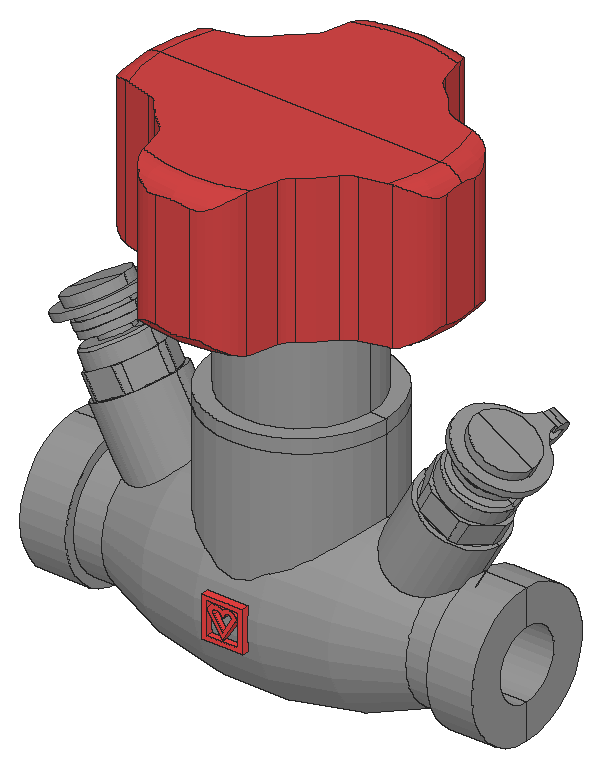
Revit family "HERZ Strömax Commissioning Valve With Test Points, Straight Body 4217 GM (LF-MF)", category Rohrzubehör, Revit 2019
Family settings
  Bemaßung runder Anschluss = Durchmesser verwenden
  Teiletyp = Unterbricht
  OmniClass-Nummer = 23.65.55.14
  OmniClass-Titel = Valves for Liquid Services
  Arbeitsebenenbasiert = Nein
  Immer vertikal = Ja
  Beim Laden mit Abzugskörper schneiden = Nein
  Gemeinsam genutzt = Nein
Parameters (values of type "MF")
  kvs-value [instance] = if(and(LF, Nennweite = 15.00 mm), 0.93, if(and(MF, Nennweite = 15.00 mm), 3.49, 0))  # 3.49
  W02 = 60.00°  # constant formula
  W01 = 30.00°  # constant formula
  URL = "www.herzvalves.com"
  SC_NennweiteBerechnet = 0
  SC_Dimension = ""
  SCRNSEQ = "ARM;ARM_TYP=\"STRV\";2"
  SCRNCODE = "05;07;02"  # constant formula
  S02 = 60.00 mm  # constant formula
  S01 [instance] = H00 + H01  # 68.20 mm
  R01 [instance] = 21.00 mm  # constant formula
  Part number [instance] = if(and(LF, Nennweite = 15.00 mm), 1421730, if(and(MF, Nennweite = 15.00 mm), 1421731, 0))  # 1421731
  Nennweite [instance] = 15.00 mm
  Model = "STRÖMAX-GM commissioning valve with test points, 1/2′′ – 3′′:\r\nScrew down model, brass version, socket x socket, non-rising spindle, spindle seal by means of double-O-ring, presetting by limitation of valve lift by means of internal spindle;\r\ndigital display of presetting step at the hand wheel window.\r\n2 standard test points are located adjacent to the hand wheel."
  Medium = "Water purity in accordance with the OeNORM H5195 and VDI 2035 standards.\r\nEthylene and propylene glycol can be mixed to a ratio of 25 - 50 vol. [%]."
  Max. operating pressure = 1600000.0 Pa  # constant formula
  Max. operating temperature (up to DN32) = 130 °C  # constant formula
  Max. operating temperature (from DN40) = 110 °C  # constant formula
  ML02 [instance] = 30.20 mm  # constant formula
  ML01 [instance] = 20.67 mm  # constant formula
  MF [instance] = yes
  MD01 = 9.50 mm  # constant formula
  LF [instance] = no
  L02 [instance] = 10.00 mm  # constant formula
  L01 [instance] = 16.30 mm  # constant formula
  L00 [instance] = 100.00 mm  # constant formula
  IG [instance] = Nennweite / 2  # 7.50 mm
  Hersteller = "HERZ Armaturen Ges.m.b.H."  # constant formula
  H04 [instance] = 2.50 mm  # constant formula
  H03 = 10.00 mm  # constant formula
  H02 [instance] = 3.00 mm  # constant formula
  H01 [instance] = 33.30 mm  # constant formula
  H00 [instance] = 34.90 mm  # constant formula
  Weight [instance] = if(and(LF, Nennweite = 15.00 mm), "0.86 kg", if(and(MF, Nennweite = 15.00 mm), "0.89 kg", "0 kg"))  # "0.89 kg"
  GT [instance] = 15.00 mm  # constant formula
  Field of application = "For hydraulic balancing in heating and cooling systems, adjustment of distribution mains, circuits, heat exchangers, heating and cooling registers, etc."
  Installation position = "The non-rising valve spindle arranged perpendicular to the valve axis guarantees optimum accessibility and optimum valve operation in any installation position."
  Differential pressure measurement = "STRÖMAX-GM commissioning valve is equipped with two test points.\r\nThe differential pressure can be measured using a suitable measuring instrument, which permits calculation of the flow rate as a function of the respective presetting step.\r\nThe HERZ-Measuring computer (1 8900 05) permits direct flow rate reading (consult the equipment manual)."
  DN50-DN80 [instance] = H00 + H01  # 68.20 mm
  DN15-DN40 [instance] = H00 + H01  # 68.20 mm
  DN15 [instance] = Nennweite = 15.00 mm  # yes
  D06 [instance] = 15.40 mm  # constant formula
  D05 [instance] = 13.15 mm  # constant formula
  D04 = 9.00 mm  # constant formula
  D03 [instance] = 19.00 mm  # constant formula
  D02 [instance] = 15.25 mm  # constant formula
  D01 [instance] = 13.20 mm  # constant formula
  Body = "DZR brass"  # constant formula
Types (3, lengths in mm): name | kvs-value | Part number | MF | LF | Weight
  (no name) | 3.49 | 1421731 | yes | no | "0.89 kg"
  LF | 0.93 | 1421730 | no | yes | "0.86 kg"
  MF | 3.49 | 1421731 | yes | no | "0.89 kg"
Reference planes
  plane 1 "Mitte (Vorne/hinten)": y = 0
  plane 2: z = 0
  plane 3 "Mitte (Links/rechts)": x = 0
Forms (mm)
  Revolve 1, solid, material "Messing, weicher Gelbton, geschweißt", detail levels fine
    sketch origin (0, 0, 0) x (1, 0, 0) y (0, 0, 1)
      loop
        line (-50, 15.25) -> (-50, 7.5) -> (-35, 7.5) -> (-35, 0) -> (35, 0) -> (35, 7.5) -> (50, 7.5) -> (50, 15.25) -> (40, 15.25) -> (40, 13.2) -> (33.7, 13.2)
        arc (33.7, 13.2) -> (0, 21) -> (-33.7, 13.2) r 76.701
        line (-33.7, 13.2) -> (-40, 13.2) -> (-40, 15.25) -> (-50, 15.25)
      axis (-50, 0) -> (50, 0)
    angle from 0 to 360
  Revolve 2, solid, material "Messing, weicher Gelbton, geschweißt", detail levels fine
    sketch origin (0, 0, 0) x (1, 0, 0) y (0, 0, 1)
      loop
        line (20.67, 0) -> (35.77, 26.154) -> (27.543, 30.904) -> (12.443, 4.75) -> (20.67, 0)
      axis (20.67, 0) -> (35.77, 26.154)
    angle from 0 to 360
  Revolve 3, solid, material "Messing, weicher Gelbton, geschweißt", detail levels fine
    sketch origin (0, 0, 0) x (1, 0, 0) y (0, 0, 1)
      loop
        line (0, 0) -> (0, 34.9) -> (-19, 34.9) -> (-19, 0) -> (0, 0)
      axis (0, 34.9) -> (0, 0)
    angle from 0 to 360
  Revolve 4, solid, material "Messing, weicher Gelbton, geschweißt", detail levels fine
    sketch origin (0, 0, 0) x (-1, 0, 0) y (0, 0, 1)
      loop
        line (20.67, 0) -> (35.77, 26.154) -> (27.543, 30.904) -> (12.443, 4.75) -> (20.67, 0)
      axis (20.67, 0) -> (35.77, 26.154)
    angle from 0 to 360
  Revolve 5, solid, material "Messing, weicher Gelbton, geschweißt", detail levels fine
    sketch origin (0, 0, 0) x (1, 0, 0) y (0, 0, 1)
      loop
        line (0, 34.9) -> (0, 68.2) -> (-9, 68.2) -> (-9, 58.2) -> (-13.15, 58.2) -> (-13.15, 55.7) -> (-15.4, 55.7) -> (-15.4, 37.9) -> (-19, 37.9) -> (-19, 34.9) -> (0, 34.9)
      axis (0, 68.2) -> (0, 34.9)
    angle from 0 to 360
Lines and regions (mm)
  model lines, detail levels coarse+medium
    curve 1: line (-50, 0, 15.25) -> (-50, 0, -15.25)
    curve 2: line (-50, 0, -15.25) -> (50, 0, 15.25)
    curve 3: line (50, 0, 15.25) -> (50, 0, -15.25)
    curve 4: line (50, 0, -15.25) -> (-50, 0, 15.25)
    curve 5: line (0, 0, 0) -> (39.375, 0, 68.2)
    curve 6: line (13.395, 0, 83.2) -> (65.356, 0, 53.2)
    curve 7: line (-50, 15.25, 0) -> (-50, -15.25, 0)
    curve 8: line (-50, -15.25, 0) -> (50, 15.25, 0)
    curve 9: line (50, 15.25, 0) -> (50, -15.25, 0)
    curve 10: line (50, -15.25, 0) -> (-50, 15.25, 0)
    curve 11: line (0, 0, 0) -> (39.375, 68.2, 0)
    curve 12: line (13.395, 83.2, 0) -> (65.356, 53.2, 0)
Dimensions and locks
  "IG": Revolve 1 sketch curve to plane 2
  "GT": Revolve 1 sketch curve to Revolve 1 sketch curve  (x2)
  "IG": Revolve 1 sketch curve to Revolve 1 sketch curve
  "D01": Revolve 1 sketch curve to Revolve 1 sketch curve  (x2)
  "R01": Revolve 1 sketch curve to Revolve 1 sketch curve
  "L02": Revolve 1 sketch curve to Revolve 1 sketch curve  (x2)
  "L01": Revolve 1 sketch curve to Revolve 1 sketch curve  (x2)
  "D02": Revolve 1 sketch curve to plane 2  (x2)
  equal spacing: Revolve 1 sketch curve, plane 3 "Mitte (Links/rechts)", Revolve 1 sketch curve
  "L00": Revolve 1 sketch curve to Revolve 1 sketch curve
  "R01": nested 1 to plane 1 "Mitte (Vorne/hinten)"
  "ML01": Revolve 2 sketch curve to plane 3 "Mitte (Links/rechts)"
  "H00": Revolve 3 sketch curve to plane 2
  "D03": Revolve 3 sketch curve to Revolve 3 sketch curve
  "ML02": Revolve 2 sketch curve to Revolve 2 sketch curve
  "MD01": Revolve 2 sketch curve to Revolve 2 sketch curve  (x2)
  "ML02": Revolve 4 sketch curve to Revolve 4 sketch curve
  "MD01": Revolve 4 sketch curve to Revolve 4 sketch curve  (x2)
  "ML01": plane 3 "Mitte (Links/rechts)" to Revolve 4 sketch curve
  "H00": Revolve 5 sketch curve to plane 2
  "H01": Revolve 5 sketch curve to Revolve 5 sketch curve
  "D04": Revolve 5 sketch curve to Revolve 5 sketch curve
  "D03": Revolve 5 sketch curve to Revolve 5 sketch curve
  "D05": Revolve 5 sketch curve to Revolve 5 sketch curve
  "D06": Revolve 5 sketch curve to Revolve 5 sketch curve
  "H02": Revolve 5 sketch curve to Revolve 5 sketch curve
  "H03": Revolve 5 sketch curve to Revolve 5 sketch curve
  "H04": Revolve 5 sketch curve to Revolve 5 sketch curve
  "DN15-DN40": nested 2 to plane 2
  "D02": curve 4 to plane 2 to curve 2
  "D02": curve 3 to plane 2 to curve 4
  equal spacing: curve 1, plane 3 "Mitte (Links/rechts)", curve 3
  "L00": curve 1 to curve 3
  equal spacing: Revolve 1, curve 5, Revolve 1
  "S01": curve 5 to plane 2
  equal spacing: curve 6, curve 5, curve 6
  "S02": curve 6 to curve 6
  "D02": curve 8 to plane 1 "Mitte (Vorne/hinten)" to curve 10
  "D02": curve 10 to plane 1 "Mitte (Vorne/hinten)" to curve 9
  equal spacing: curve 7, plane 3 "Mitte (Links/rechts)", curve 9
  "L00": curve 7 to curve 9
  equal spacing: curve 7, curve 11, curve 9
  "S01": plane 1 "Mitte (Vorne/hinten)" to curve 11
  equal spacing: curve 12, curve 11, curve 12
  "S02": curve 12 to curve 12
  "W01": angle Revolve 2 sketch curve to plane 3 "Mitte (Links/rechts)"  (x2)
  "W01": angle plane 3 "Mitte (Links/rechts)" to Revolve 4 sketch curve  (x2)
  "W02": angle plane 2 to curve 5
  "W02": angle plane 1 "Mitte (Vorne/hinten)" to curve 11
  aligned and locked: level to plane 2
Automatic sketch dimensions
  Revolve 1 sketch curve to level = 0.00 mm  (x2)
  Revolve 1 sketch curve to Revolve 1 sketch curve = 1429.986 mm
  Revolve 1 sketch curve to Revolve 1 sketch curve = 1762.604 mm
  Revolve 2 sketch curve to level = 0.00 mm  (x2)
  Revolve 3 sketch curve to level = 0.00 mm
  Revolve 3 sketch curve to plane 3 "Mitte (Links/rechts)" = 0.00 mm  (x2)
  Revolve 3 sketch curve to Revolve 3 sketch curve = 366.045 mm
  Revolve 3 sketch curve to Revolve 3 sketch curve = 2179.415 mm
  Revolve 4 sketch curve to level = 0.00 mm  (x2)
  Revolve 5 sketch curve to plane 3 "Mitte (Links/rechts)" = 0.00 mm  (x2)
  Revolve 5 sketch curve to level = 366.045 mm
  Revolve 5 sketch curve to Revolve 5 sketch curve = 2146.115 mm
Nested families
  nested 1: "Herz-Logo-vorne" at (0, -21, 0) x (0, 1, 0) z (0, 0, 1), type "Herz-Logo-vorne", detail levels fine
  nested 2: "Strangregulierventil-Handrad-Gerade (Rot) DN15-DN40" at (0, 0, 68.2), visible <- "DN15", type "Strangregulierventil-Handrad-Gerade (Rot) DN15-DN40", detail levels fine
    with Nennweite 0.00 mm, Gewicht 0.00 kg, Bestellnummer 0
  nested 3: "Messstutzen_Band_Austritt_30Grad_(oben)" at (27.02, 0, 10.999), visible <- "DN15", type "Messstutzen_Band_Austritt_30Grad_(oben)", detail levels fine
    with Schutzkappe yes, Nennweite 0.00 mm, Gewicht 0.00 kg, Bestellnummer 0
  nested 4: "Messstutzen_Band_Eintritt_30Grad_(oben)" at (-27.02, 0, 10.999) x (-1, 0, 0) z (0, 0, 1), visible <- "DN15", type "Messstutzen_Band_Eintritt_30Grad_(oben)", detail levels fine
    with Schutzkappe yes, Nennweite 0.00 mm, Gewicht 0.00 kg, Bestellnummer 0
Connectors
  piping at (-35, 0, 0), diameter 15, driven by "Nennweite"
    settings: on Revolve 1, index 1, connector inside diameter 609.6 mm, connector length 0.00 mm, flow factor 0, pipe flow 0.0 L/s, pressure drop 0.0 Pa, fitting loss kfactor 0, connector angle 0.00°, fixture units 0, engagement length 0.00 mm, angle of deflection 0.00°, flow configuration 0, flow direction 1, fitting loss method 0, system type 29, joint type 0, gender type 0, connector reference index -1, connector utility 0, adjustable connector no, is connector primary yes, connector description ""
  piping at (35, 0, 0), diameter 15, driven by "Nennweite"
    settings: on Revolve 1, index 2, connector inside diameter 609.6 mm, connector length 0.00 mm, flow factor 0, pipe flow 0.0 L/s, pressure drop 0.0 Pa, fitting loss kfactor 0, connector angle 0.00°, fixture units 0, engagement length 0.00 mm, angle of deflection 0.00°, flow configuration 0, flow direction 2, fitting loss method 0, system type 29, joint type 0, gender type 0, connector reference index -1, connector utility 0, adjustable connector no, is connector primary no, connector description ""
Definition of nested family "Herz-Logo-vorne"
  Reference planes
    plane 1 "Mitte (Vorne/hinten)": y = 0
    plane 2: z = 0
    plane 3 "Mitte (Links/rechts)": x = 0
  Forms (mm)
    Extrusion 1, solid
      sketch origin (0.732, -0.018, 0.017) x (0, -1, 0) y (0, 0, 1)
        loop
          line (-0.018, -4.517) -> (4.482, -4.517) -> (4.482, 4.483) -> (-4.518, 4.483) -> (-4.518, -4.517) -> (-0.018, -4.517)
        loop
          line (-0.05, -3.48) -> (3.482, -3.48) -> (3.482, 3.483) -> (-3.518, 3.483) -> (-3.518, -3.48) -> (-0.05, -3.48)
        loop
          arc (-0.018, 2.383) -> (-1.543, 3.287) -> (-3.067, 2.383) r 1.738
          arc (-3.067, 2.383) -> (-3.191, 1.899) -> (-3.067, 1.415) r 1.009
          line (-3.067, 1.415) -> (-0.018, -3.281) -> (3.032, 1.415)
          arc (3.032, 1.415) -> (3.156, 1.899) -> (3.032, 2.383) r 1.009
          arc (3.032, 2.383) -> (1.507, 3.287) -> (-0.018, 2.383) r 1.738
        loop
          arc (1.885, 1.272) -> (2.005, 1.675) -> (1.885, 2.079) r 0.74
          arc (1.885, 2.079) -> (1.265, 2.416) -> (0.644, 2.079) r 0.74
          line (0.644, 2.079) -> (-0.018, 0.97) -> (-0.679, 2.079)
          arc (-0.679, 2.079) -> (-1.3, 2.416) -> (-1.921, 2.079) r 0.74
          arc (-1.921, 2.079) -> (-2.04, 1.675) -> (-1.921, 1.272) r 0.74
          line (-1.921, 1.272) -> (-0.018, -1.658) -> (1.885, 1.272)
      from 0 to 1.5
  Dimensions and locks
    aligned and locked: level to plane 2
Definition of nested family "Strangregulierventil-Handrad-Gerade (Rot) DN15-DN40"
  Parameters (values of type "Strangregulierventil-Handrad-Gerade (Rot) DN15-DN40")
    URL = "www.herz-armaturen.at"
    Nennweite [instance] = 0.00 mm
    Manufacturer = "Herz Armaturen GmbH"  # constant formula
    Gewicht [instance] = 0.00 kg
    Bestellnummer [instance] = 0
  Reference planes
    plane 1 "Mitte (Vorne/hinten)": y = 0
    plane 2: z = 0
    plane 3 "Mitte (Links/rechts)": x = 0
  Forms (mm)
    Revolve 1, solid, detail levels fine
      sketch origin (0, 0, 0) x (1, 0, 0) y (0, 0, 1)
        loop
          line (0, 0) -> (0, 24.95) -> (-30.992, 24.95)
          arc (-30.992, 24.95) -> (-34.37, 23.636) -> (-35.973, 20.386) r 5
          line (-35.973, 20.386) -> (-37, 8.65) -> (-35.986, -2.936)
          arc (-35.986, -2.936) -> (-34.383, -6.186) -> (-31.005, -7.5) r 5
          line (-31.005, -7.5) -> (-15, -7.5) -> (-15, 0) -> (0, 0)
        axis (0, 24.95) -> (0, -7.5)
      angle from 0 to 360
    Extrusion 2, void
      sketch origin (0, 0, 20.3) x (1, 0, 0) y (0, 1, 0)
        loop
          line (3.861, 35.5) -> (-3.861, 35.5)
          arc (-3.861, 35.5) -> (-8.731, 33.847) -> (-11.589, 29.571) r 8
          line (-11.589, 29.571) -> (-13.284, 23.245)
          arc (-13.284, 23.245) -> (-13.982, 21.722) -> (-15.144, 20.516) r 5
          arc (-15.144, 20.516) -> (-18.031, 18.031) -> (-20.516, 15.144) r 25.5
          arc (-20.516, 15.144) -> (-21.722, 13.982) -> (-23.245, 13.284) r 5
          line (-23.245, 13.284) -> (-29.571, 11.589)
          arc (-29.571, 11.589) -> (-33.847, 8.731) -> (-35.5, 3.861) r 8
          line (-35.5, 3.861) -> (-35.5, -3.861)
          arc (-35.5, -3.861) -> (-33.847, -8.731) -> (-29.571, -11.589) r 8
          line (-29.571, -11.589) -> (-23.245, -13.284)
          arc (-23.245, -13.284) -> (-21.722, -13.982) -> (-20.516, -15.144) r 5
          arc (-20.516, -15.144) -> (-18.031, -18.031) -> (-15.144, -20.516) r 25.5
          arc (-15.144, -20.516) -> (-13.982, -21.722) -> (-13.284, -23.245) r 5
          line (-13.284, -23.245) -> (-11.589, -29.571)
          arc (-11.589, -29.571) -> (-8.731, -33.847) -> (-3.861, -35.5) r 8
          line (-3.861, -35.5) -> (3.861, -35.5)
          arc (3.861, -35.5) -> (8.731, -33.847) -> (11.589, -29.571) r 8
          line (11.589, -29.571) -> (13.284, -23.245)
          arc (13.284, -23.245) -> (13.982, -21.722) -> (15.144, -20.516) r 5
          arc (15.144, -20.516) -> (18.031, -18.031) -> (20.516, -15.144) r 25.5
          arc (20.516, -15.144) -> (21.722, -13.982) -> (23.245, -13.284) r 5
          line (23.245, -13.284) -> (29.571, -11.589)
          arc (29.571, -11.589) -> (33.847, -8.731) -> (35.5, -3.861) r 8
          line (35.5, -3.861) -> (35.5, 3.861)
          arc (35.5, 3.861) -> (33.847, 8.731) -> (29.571, 11.589) r 8
          line (29.571, 11.589) -> (23.245, 13.284)
          arc (23.245, 13.284) -> (21.722, 13.982) -> (20.516, 15.144) r 5
          arc (20.516, 15.144) -> (18.031, 18.031) -> (15.144, 20.516) r 25.5
          arc (15.144, 20.516) -> (13.982, 21.722) -> (13.284, 23.245) r 5
          line (13.284, 23.245) -> (11.589, 29.571)
          arc (11.589, 29.571) -> (8.731, 33.847) -> (3.861, 35.5) r 8
        loop
          circle (0, 0) r 38
      from -31.266 to 7.923
  Cuts and joins
    Extrusion 2 cuts Revolve 1
  Dimensions and locks
    Revolve 1 sketch curve to Revolve 1 sketch curve = 15.00 mm
    Revolve 1 sketch curve to Revolve 1 sketch curve = 16.15 mm
    Revolve 1 sketch curve to Revolve 1 sketch curve = 16.30 mm
    angle Revolve 1 sketch curve to Revolve 1 sketch curve = 95.00°
    aligned and locked: level to plane 2
Definition of nested family "Messstutzen_Band_Austritt_30Grad_(oben)"
  Parameters (values of type "Messstutzen_Band_Austritt_30Grad_(oben)")
    URL = "www.herz-armaturen.at"
    Schutzkappe [instance] = yes
    Nennweite [instance] = 0.00 mm
    Manufacturer = "Herz Armaturen GmbH"  # constant formula
    Gewicht [instance] = 0.00 kg
    Bestellnummer [instance] = 0
  Reference planes
    plane 1 "Mitte (Vorne/hinten)": y = 0
    plane 2: z = 0
    plane 3 "Mitte (Links/rechts)": x = 0
  Forms (mm)
    Revolve 1, solid, detail levels fine
      sketch origin (0, 0, 0) x (0.866025, 0, -0.5) y (0.5, 0, 0.866025)
        loop
          line (-7.4, 9) -> (-5.55, 9) -> (-5.55, 6)
          arc (-5.55, 6) -> (-5.626, 5.617) -> (-5.843, 5.293) r 1
          line (-5.843, 5.293) -> (-6.455, 4.681) -> (-6.455, 0.9) -> (-5.555, 0) -> (-2, 0) -> (-2, 17.5) -> (-8.4, 17.5)
          arc (-8.4, 17.5) -> (-7.693, 17.207) -> (-7.4, 16.5) r 1
          line (-7.4, 16.5) -> (-7.4, 9)
        loop
          line (-3.7, 27) -> (-7.3, 27) -> (-7.9, 26.4) -> (-7.9, 23) -> (-2, 23) -> (-2, 35.8) -> (-3.805, 35.8) -> (-4.415, 35.19) -> (-4.415, 30.863) -> (-3.7, 30.45) -> (-3.7, 27)
        axis (0, 0) -> (0, 35.8)
      angle from 0 to 360
    Extrusion 2, solid, detail levels fine
      sketch origin (8.75, 0, 15.155) x (0, 1, 0) y (-0.866025, 0, 0.5)
        loop
          arc (-7.07, 5.156) -> (-7.578, 4.375) -> (-8, 3.544) r 8.75
          line (-8, 3.544) -> (-8, -3.544)
          arc (-8, -3.544) -> (-7.578, -4.375) -> (-7.07, -5.156) r 8.75
          line (-7.07, -5.156) -> (-0.93, -8.7)
          arc (-0.93, -8.7) -> (0, -8.75) -> (0.93, -8.7) r 8.75
          line (0.93, -8.7) -> (7.07, -5.156)
          arc (7.07, -5.156) -> (7.578, -4.375) -> (8, -3.544) r 8.75
          line (8, -3.544) -> (8, 3.544)
          arc (8, 3.544) -> (7.578, 4.375) -> (7.07, 5.156) r 8.75
          line (7.07, 5.156) -> (0.93, 8.7)
          arc (0.93, 8.7) -> (0, 8.75) -> (-0.93, 8.7) r 8.75
          line (-0.93, 8.7) -> (-7.07, 5.156)
      from 0 to 5.5
    Revolve 3, solid, visible <- "Schutzkappe", detail levels fine
      sketch origin (0, 0, 0) x (0.866025, 0, -0.5) y (0.5, 0, 0.866025)
        loop
          line (0, 35.878) -> (0, 36.678) -> (-7, 36.678) -> (-7, 33.378) -> (-6.1, 33.378) -> (-6.1, 31.678) -> (-6.9, 31.678) -> (-6.9, 30.178) -> (-4.415, 30.178) -> (-4.415, 35.268) -> (-3.805, 35.878) -> (0, 35.878)
        axis (0, 30.178) -> (0, 36.678)
      angle from 0 to 360
    Extrusion 4, solid, detail levels fine
      sketch origin (14.25, 0, 24.682) x (0, 1, 0) y (0.866025, 0, -0.5)
        loop
          circle (0, 0) r 3.7
        loop
          arc (5.505, -3.906) -> (7.288, -2.358) -> (9.582, -1.8) r 5
          line (9.582, -1.8) -> (9.582, 1.8)
          arc (9.582, 1.8) -> (7.288, 2.358) -> (5.505, 3.906) r 5
          arc (5.505, 3.906) -> (-6.75, 0) -> (5.505, -3.906) r 6.75
      from 0 to -1.5
    Extrusion 5, solid, detail levels fine
      sketch origin (16.589, 0, 28.733) x (0, 1, 0) y (0.866025, 0, -0.5)
        loop
          circle (0, 0) r 6.1
        loop
          arc (8.652, -4.495) -> (10.493, -2.527) -> (13.089, -1.8) r 5
          line (13.089, -1.8) -> (13.089, 1.8)
          arc (13.089, 1.8) -> (10.493, 2.527) -> (8.652, 4.495) r 5
          arc (8.652, 4.495) -> (-9.75, 0) -> (8.652, -4.495) r 9.75
      from 0 to -1.5
    Sweep 6, solid, detail levels fine
      path origin (1.029, 0.159, 0.98) x (-0.5, 0, -0.866025) y (0, 1, 0)
        loop
          line (-27.75, 9.582) -> (-27.75, 14.522)
          arc (-27.75, 14.522) -> (-30.089, 16.862) -> (-32.428, 14.522) r 2.339
          line (-32.428, 14.522) -> (-32.428, 13.089)
      profile origin (14.904, 12.211, 25.012) x (0.5, 0, 0.866025) y (0.866025, 0, -0.5)
        loop
          line (-0.75, -1.8) -> (0.75, -1.8) -> (0.75, 1.8) -> (-0.75, 1.8) -> (-0.75, -1.8)
  Dimensions and locks
    aligned and locked: level to plane 2
Definition of nested family "Messstutzen_Band_Eintritt_30Grad_(oben)"
  Parameters (values of type "Messstutzen_Band_Eintritt_30Grad_(oben)")
    URL = "www.herz-armaturen.at"
    Schutzkappe [instance] = yes
    Nennweite [instance] = 0.00 mm
    Manufacturer = "Herz Armaturen GmbH"  # constant formula
    Gewicht [instance] = 0.00 kg
    Bestellnummer [instance] = 0
  Reference planes
    plane 1 "Mitte (Vorne/hinten)": y = 0
    plane 2: z = 0
    plane 3 "Mitte (Links/rechts)": x = 0
  Forms (mm)
    Revolve 1, solid, detail levels fine
      sketch origin (0, 0, 0) x (0.866025, 0, -0.5) y (0.5, 0, 0.866025)
        loop
          line (-7.4, 9) -> (-5.55, 9) -> (-5.55, 6)
          arc (-5.55, 6) -> (-5.626, 5.617) -> (-5.843, 5.293) r 1
          line (-5.843, 5.293) -> (-6.455, 4.681) -> (-6.455, 0.9) -> (-5.555, 0) -> (-2, 0) -> (-2, 17.5) -> (-8.4, 17.5)
          arc (-8.4, 17.5) -> (-7.693, 17.207) -> (-7.4, 16.5) r 1
          line (-7.4, 16.5) -> (-7.4, 9)
        loop
          line (-3.7, 27) -> (-7.3, 27) -> (-7.9, 26.4) -> (-7.9, 23) -> (-2, 23) -> (-2, 35.8) -> (-3.805, 35.8) -> (-4.415, 35.19) -> (-4.415, 30.863) -> (-3.7, 30.45) -> (-3.7, 27)
        axis (0, 0) -> (0, 35.8)
      angle from 0 to 360
    Extrusion 2, solid, detail levels fine
      sketch origin (8.75, 0, 15.155) x (0, 1, 0) y (-0.866025, 0, 0.5)
        loop
          arc (-7.07, 5.156) -> (-7.578, 4.375) -> (-8, 3.544) r 8.75
          line (-8, 3.544) -> (-8, -3.544)
          arc (-8, -3.544) -> (-7.578, -4.375) -> (-7.07, -5.156) r 8.75
          line (-7.07, -5.156) -> (-0.93, -8.7)
          arc (-0.93, -8.7) -> (0, -8.75) -> (0.93, -8.7) r 8.75
          line (0.93, -8.7) -> (7.07, -5.156)
          arc (7.07, -5.156) -> (7.578, -4.375) -> (8, -3.544) r 8.75
          line (8, -3.544) -> (8, 3.544)
          arc (8, 3.544) -> (7.578, 4.375) -> (7.07, 5.156) r 8.75
          line (7.07, 5.156) -> (0.93, 8.7)
          arc (0.93, 8.7) -> (0, 8.75) -> (-0.93, 8.7) r 8.75
          line (-0.93, 8.7) -> (-7.07, 5.156)
      from 0 to 5.5
    Revolve 3, solid, visible <- "Schutzkappe", detail levels fine
      sketch origin (0, 0, 0) x (0.866025, 0, -0.5) y (0.5, 0, 0.866025)
        loop
          line (0, 35.878) -> (0, 36.678) -> (-7, 36.678) -> (-7, 33.378) -> (-6.1, 33.378) -> (-6.1, 31.678) -> (-6.9, 31.678) -> (-6.9, 30.178) -> (-4.415, 30.178) -> (-4.415, 35.268) -> (-3.805, 35.878) -> (0, 35.878)
        axis (0, 30.178) -> (0, 36.678)
      angle from 0 to 360
    Extrusion 4, solid, detail levels fine
      sketch origin (14.25, 0, 24.682) x (0, 1, 0) y (0.866025, 0, -0.5)
        loop
          circle (0, 0) r 3.7
        loop
          arc (5.505, -3.906) -> (7.288, -2.358) -> (9.582, -1.8) r 5
          line (9.582, -1.8) -> (9.582, 1.8)
          arc (9.582, 1.8) -> (7.288, 2.358) -> (5.505, 3.906) r 5
          arc (5.505, 3.906) -> (-6.75, 0) -> (5.505, -3.906) r 6.75
      from 0 to -1.5
    Extrusion 5, solid, detail levels fine
      sketch origin (16.589, 0, 28.733) x (0, 1, 0) y (0.866025, 0, -0.5)
        loop
          circle (0, 0) r 6.1
        loop
          arc (8.652, -4.495) -> (10.493, -2.527) -> (13.089, -1.8) r 5
          line (13.089, -1.8) -> (13.089, 1.8)
          arc (13.089, 1.8) -> (10.493, 2.527) -> (8.652, 4.495) r 5
          arc (8.652, 4.495) -> (-9.75, 0) -> (8.652, -4.495) r 9.75
      from 0 to -1.5
    Sweep 6, solid, detail levels fine
      path origin (0.933, -0.183, 1.116) x (-0.5, 0, -0.866025) y (0, 1, 0)
        loop
          line (-27.75, 9.582) -> (-27.75, 14.522)
          arc (-27.75, 14.522) -> (-30.089, 16.862) -> (-32.428, 14.522) r 2.339
          line (-32.428, 14.522) -> (-32.428, 13.089)
      profile origin (14.808, 11.869, 25.148) x (0.5, 0, 0.866025) y (0.866025, 0, -0.5)
        loop
          line (-0.75, -1.8) -> (0.75, -1.8) -> (0.75, 1.8) -> (-0.75, 1.8) -> (-0.75, -1.8)
  Dimensions and locks
    aligned and locked: level to plane 2
